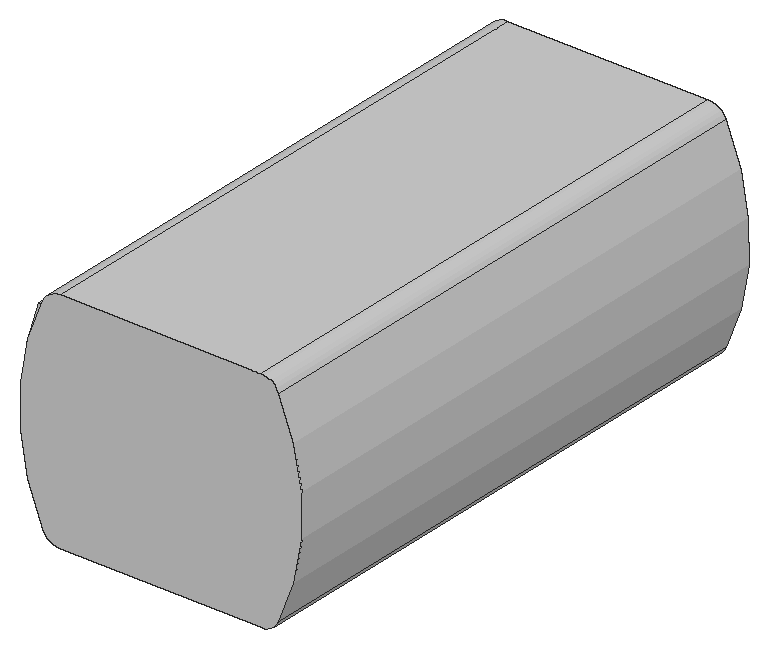
Revit family "Camera-Security-Panasonic-Super_Dynamic-Super_Resolution-Network-Fixed_Dome-WV-S1132SeriesY", category Security Devices, Revit 2013
Parameters (values of type "Full HD, WV-S1132")
  z Type = 4
  z Front Radius = 0.7874"
  Width = 2.95276"
  Wide Dynamic Range = yes
  Weight = 0.77 lbf  # constant formula
  Voltage DC = 12 V  # constant formula
  Vandal Resistant = no
  URL = "http://security.panasonic.com/pss/security/"
  Storage Temperature = Operational Temperature  # "-10 °C to +50 °C (14 °F to 122 °F)"
  Regulatory Compliance = "UL UL60950-1, C-UL CAN/CSA C22.2 No.60950-1, CE, IEC60950-1 FCC Part15 ClassA, ICES003 ClassA, EN55022 ClassB, EN55024"  # constant formula
  Provide Feedback = "https://www.surveymonkey.com/s/95FL6QY"
  Product Page URL = "http://security.panasonic.com/products/wv-s1132/"
  Product Material = Paint - Panasonic - Sail White
  Product Documentation Link = "http://ssbu-t.psn-web.net/Products/IP_camera/WV-S1132/Specsheet/WV-S1132-A4.pdf"
  Power Active [instance] = 5.6 VA  # 5.6 W
  Part Number = Model  # "WV-S1132"
  Part Description = Description  # "Security Camera, Network, Super Dynamic, Full HD, iA, Smart Facial Coding"
  Original Creation Date = "December, 14, 2016"  # constant formula
  Operational Temperature = "-10 °C to +50 °C (14 °F to 122 °F)"  # constant formula
  Operational Humidity = "10 to 90 % (no condensation)"  # constant formula
  Mounting Positions = "Mount Dependent"  # constant formula
  Model Disclaimer = "Contact Panasonic for more information"  # constant formula
  Model = "WV-S1132"
  Minimum Illumination = 0.010 lx
  Manufacturer = "Panasonic"  # constant formula
  Indoor Or Outdoor = "Indoor"  # constant formula
  IP Or Analog = "IP"  # constant formula
  Height = 2.24409"
  Has POE = yes
  Family Version = "1.0.0"
  Equipment Number = " "
  Equipment Abbreviation = "SC"
  Description = "Security Camera, Network, Super Dynamic, Full HD, iA, Smart Facial Coding"
  Depth = 5.74803"
  Day Or Night = "Yes"  # constant formula
  Date Last Modified = "December, 14, 2016"
  Copyright = "Copyright © Panasonic"  # constant formula
  Communication Ports = "10Base-T / 100Base-TX, RJ45 connector"  # constant formula
  Auto Back Focus = yes
  Audio Out = yes
  Audio In = yes
  Assembly Code = ""
  Angle Of View = "Lens Dependent"  # constant formula
  Alarm Input Or Output Specification = "ALARM IN 1 (DAY/NIGHT IN, Auto time adjustment) (x1), ALARM IN 2 (ALARM OUT) (x1), ALARM IN 3 (AUX OUT) (x1)"  # constant formula
Types (4): name | z Type | Product Page URL | Product Documentation Link | Part Number | Part Description | Model | Minimum Illumination | Equipment Number | Description
  Full HD, WV-S1132 | 4 | "http://security.panasonic.com/products/wv-s1132/" | "http://ssbu-t.psn-web.net/Products/IP_camera/WV-S1132/Specsheet/WV-S1132-A4.pdf" | "WV-S1132" | "Security Camera, Network, Super Dynamic, Full HD, iA, Smart Facial Coding" | "WV-S1132" | 0.010 lx | " " | "Security Camera, Network, Super Dynamic, Full HD, iA, Smart Facial Coding"
  HD, WV-S1111 | 5 | "http://security.panasonic.com/pss/security/products/hd/wv-spn311a/index.html" | "http://ssbu-t.psn-web.net/Products/IP_camera/WV-SPN311A_310A/Specsheet/WV-SPN311A_310A-A4.pdf" | "WV-S1111" | "Security Camera, Network, Super Dynamic, HD, iA, Smart Facial Coding" | "WV-S1111" | 0.007 lx | " " | "Security Camera, Network, Super Dynamic, HD, iA, Smart Facial Coding"
  Full HD, WV-S1131 | 3 | "http://security.panasonic.com/products/wv-s1131/" | "http://ssbu-t.psn-web.net/Products/IP_camera/WV-S1131/Specsheet/WV-S1131-A4.pdf" | "WV-S1131" | "Security Camera, Network, Super Dynamic, Full HD, iA, Smart Facial Coding" | "WV-S1131" | 0.010 lx | " " | "Security Camera, Network, Super Dynamic, Full HD, iA, Smart Facial Coding"
  HD, WV-S1112 | 6 | "http://security.panasonic.com/products/wv-s1112/" | "http://ssbu-t.psn-web.net/Products/IP_camera/WV-S1112/Specsheet/WV-S1112-A4.pdf" | "WV-S1112" | "Security Camera, Network, Super Dynamic, HD, iA, Smart Facial Coding" | "WV-S1112" | 0.007 lx | "" | "Security Camera, Network, Super Dynamic, HD, iA, Smart Facial Coding"
Reference planes (in)
  plane 1 "Center (Front/Back)": y = 0
  plane 2: z = 0
  plane 3 "Center (Left/Right)": x = 0
  plane 4: z = 0.3937
  plane 5: z = 2.6378
  plane 6: x = -1.39764
  plane 7: x = 1.39764
  plane 8: z = 1.51575
  plane 9 "Back Cavity": y = 3.55118
  plane 10 "Far Back": y = 7.28346
  plane 11 "Far Left": x = -1.55512
  plane 12 "Front": y = -1.9685
  plane 13 "Back": y = 3.77953
  plane 14: y = -1.5748
  plane 15 "LED Front": y = -4.46063
  plane 16: z = 3.0315
  plane 17: x = 1.75197
  plane 18: x = -1.98819
  plane 19: z = 3.18898
Forms (in)
  Extrusion 1, solid, material "Paint - Panasonic - Sail White" <- "Product Material"
    sketch origin (0, 3.55118, -0.22787) x (1, 0, 0) y (0, 0, 1)
      loop
        circle (0.72835, 1.09401) r 0.19685
    from -0.22835 to 0
  Extrusion 2, solid, material "Paint - Panasonic - Sail White" <- "Product Material"
    sketch origin (0, 0, 0) x (1, 0, 0) y (0, 0, 1)
      loop
        arc (-1.39764, 2.32165) -> (-1.55512, 1.51575) -> (-1.39764, 0.70984) r 2.14085
        line (-1.39764, 0.70984) -> (-0.98208, 0.70984) -> (-0.98208, 2.32165) -> (-1.39764, 2.32165)
    from -3.169 to 1.7239
  Extrusion 3, solid, material "Paint - Panasonic - Sail White" <- "Product Material"
    sketch origin (0, 0, 0) x (1, 0, 0) y (0, 0, 1)
      loop
        arc (-0.98936, 2.6378) -> (-1.09404, 2.60765) -> (-1.16667, 2.52645) r 0.19685
        arc (-1.16667, 2.52645) -> (-1.39764, 1.51575) -> (-1.16667, 0.50505) r 2.32685
        arc (-1.16667, 0.50505) -> (-1.09404, 0.42385) -> (-0.98936, 0.3937) r 0.19685
        line (-0.98936, 0.3937) -> (0.98936, 0.3937)
        arc (0.98936, 0.3937) -> (1.09404, 0.42385) -> (1.16667, 0.50505) r 0.19685
        arc (1.16667, 0.50505) -> (1.39764, 1.51575) -> (1.16667, 2.52645) r 2.32685
        arc (1.16667, 2.52645) -> (1.09404, 2.60765) -> (0.98936, 2.6378) r 0.19685
        line (0.98936, 2.6378) -> (-0.98936, 2.6378)
    from -3.55118 to 1.9685
  Extrusion 4, void
    sketch origin (0, 0, 0) x (1, 0, 0) y (0, 1, 0)
      loop
        circle (0.0159, 0.02397) r 0.12598
    from 0.3937 to 0.76772
Cuts and joins
  Extrusion 4 cuts Extrusion 3
Lines and regions (in)
  Masking region 1
    outline origin (0, 0, 0) x (1, 0, 0) y (0, 1, 0)
      loop
        line (-1.55512, 7.28346) -> (-1.55512, -1.9685) -> (1.77707, -1.9685) -> (1.77707, 7.28346) -> (-1.55512, 7.28346)
Dimensions and locks (in)
  locked: plane 4 to plane 2 at 0.3937
  "Height": plane 5 to plane 4
  plane 11 "Far Left" to plane 6 = 0.15748"  (x2)
  equal spacing: plane 5, plane 8, plane 4
  equal spacing: plane 7, plane 3 "Center (Left/Right)", plane 6
  plane 6 to plane 11 "Far Left" = 0.15748"
  "Width": plane 11 "Far Left" to plane 7
  locked: plane 12 "Front" to plane 1 "Center (Front/Back)" at 1.9685
  locked: plane 9 "Back Cavity" to plane 13 "Back" at 0.22835
  "Depth": plane 12 "Front" to plane 13 "Back"
  plane 13 "Back" to plane 15 "LED Front" = 8.24016"
  plane 16 to level = 3.0315"
  locked: plane 7 to plane 17 at 0.35433
  locked: Extrusion 4 to Extrusion 4 at 0.37402
  locked: Extrusion 1 sketch curve to plane 3 "Center (Left/Right)" at 0.72835
  locked: plane 8 to Extrusion 1 sketch curve at 0.64961
  aligned and locked: plane 2 to level
  aligned and locked: Extrusion 1 to plane 9 "Back Cavity"
  aligned and locked: Masking region 1 to plane 10 "Far Back"
  aligned and locked: Masking region 1 to plane 12 "Front"
  aligned and locked: plane 11 "Far Left" to Masking region 1
  aligned and locked: Extrusion 3 to plane 12 "Front"
  aligned and locked: Extrusion 1 to plane 13 "Back"
  aligned and locked: Extrusion 3 to plane 9 "Back Cavity"
Automatic sketch dimensions
  Extrusion 2 sketch curve to plane 6 = 0.000"  (x2)
  plane 4 to Extrusion 2 sketch curve = 0.31614"
  Extrusion 2 sketch curve to plane 8 = 0.000"
  plane 6 to Extrusion 2 sketch curve = 0.41556"
  plane 3 "Center (Left/Right)" to Extrusion 2 sketch curve = 0.58573"
  Extrusion 3 sketch curve to plane 4 = 0.000"
  Extrusion 3 sketch curve to plane 5 = 0.000"
  plane 6 to Extrusion 3 sketch curve = 0.40828"  (x2)
  Extrusion 3 sketch curve to plane 8 = 0.000"  (x2)
  plane 7 to Extrusion 3 sketch curve = 0.40828"  (x2)
  Extrusion 3 sketch curve to plane 5 = 0.11135"  (x2)
  Extrusion 3 sketch curve to Extrusion 3 sketch curve = 0.17731"  (x3)
  Extrusion 3 sketch curve to Extrusion 3 sketch curve = 0.000"
  plane 4 to Extrusion 3 sketch curve = 0.11135"
  plane 6 to Extrusion 3 sketch curve = 0.46843"
  Masking region 1 sketch curve to plane 11 "Far Left" = 0.000"
  Masking region 1 sketch curve to plane 12 "Front" = 0.000"
  plane 10 "Far Back" to Masking region 1 sketch curve = 0.000"
  plane 17 to Masking region 1 sketch curve = 0.0251"
  Extrusion 4 sketch curve to plane 1 "Center (Front/Back)" = 0.02397"
  plane 3 "Center (Left/Right)" to Extrusion 4 sketch curve = 0.0159"
  radius of Extrusion 1 sketch curve = 0.19685"
  radius of Extrusion 4 sketch curve = 0.12598"
Connectors (in)
  electrical at (0, 3.55118, 1.62205), driven by "Voltage DC", driven by "Power Active"
    settings: index 1, voltage 12 V, apparent load 5.6 W, apparent load phase1 0.0 W, apparent load phase2 0.0 W, apparent load phase3 0.0 W, power factor 1, load classification "Other", number of poles 1, system type 30, power factor state 1, is connector primary yes, connector utility no, sub classification motor no, connector description "Electrical Connection"
  electrical at (0, 3.55118, 1.61545)
    settings: index 2, voltage 0 V, apparent load 0.0 W, apparent load phase1 0.0 W, apparent load phase2 0.0 W, apparent load phase3 0.0 W, power factor 1, load classification "Other", number of poles 1, system type 5, power factor state 1, is connector primary no, connector utility no, sub classification motor no, connector description "Data Connection"
